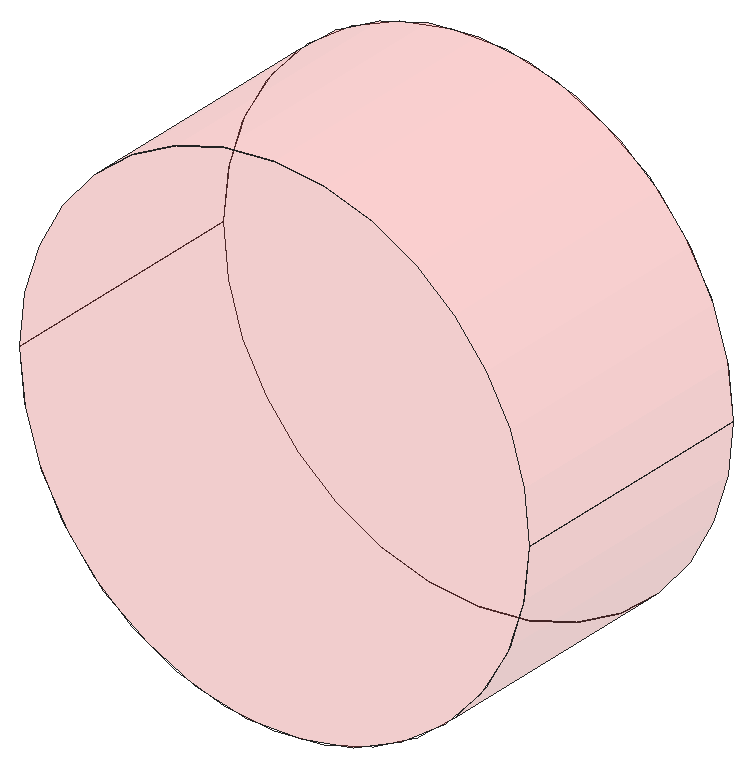
Revit family "PME_BWIC", category Generic Models, Revit 2021
Family settings
  Can host rebar = No
  Round Connector Dimension = Use Diameter
  Part Type = Normal
  OmniClass Number = 23.30.00.00
  OmniClass Title = Openings, Passages, Protection
  Work Plane-Based = Yes
  Always vertical = Yes
  Cut with Voids When Loaded = No
  Shared = No
  Room Calculation Point = No
Parameters (values of type "Circular")
  Rectangular = no
  PME_BWIC Width [instance] = 750.00 mm
  PME_BWIC Wall/Floor ID [instance] = ""
  PME_BWIC Thickness [instance] = 250.00 mm
  PME_BWIC Rotated Degree [instance] = 0
  PME_BWIC Radius [instance] = 250.00 mm
  PME_BWIC Overall Width [instance] = PME_BWIC Width + PME_BWIC Offset  # 750.00 mm
  PME_BWIC Overall Radius [instance] = PME_BWIC Radius + PME_BWIC Offset  # 250.00 mm
  PME_BWIC Overall Height [instance] = PME_BWIC Height + PME_BWIC Offset  # 500.00 mm
  PME_BWIC Offset [instance] = 0.00 mm
  PME_BWIC Height [instance] = 500.00 mm
  PME_BWIC Elevation [instance] = 0.00 mm
  PME_BWIC Element Name [instance] = ""
  PME_BWIC Element ID [instance] = ""
  PME_BWIC BOH Elevation [instance] = (PME_BWIC Elevation - (PME_BWIC Height / 2)) - (PME_BWIC Offset / 2)  # -250.00 mm
  Hole Material [instance] = Hole Material
  Default Elevation = 0.00 mm
  Circular = yes
Types (2, lengths in mm): name | Rectangular | Hole Material | Circular
  Circular | no | Hole Material | yes
  Rectangular | yes | none | no
Reference planes
  plane 1 "Center (Front/Back)": y = 0
  plane 2: z = 0
  plane 3 "Center (Left/Right)": x = 0
  plane 4: z = 0
Dimensions and locks
  "PME_BWIC Elevation": plane 4 to level
  aligned and locked: level to plane 2
  aligned and locked: plane 1 "Center (Front/Back)" to nested 1
  aligned and locked: plane 3 "Center (Left/Right)" to nested 1
  aligned and locked: plane 4 to nested 1
  aligned and locked: plane 1 "Center (Front/Back)" to nested 2
  aligned and locked: plane 3 "Center (Left/Right)" to nested 2
  aligned and locked: plane 4 to nested 2
Nested families
  nested 1: "Circular Hole" at (0, 0, 0), Radius <- "PME_BWIC Overall Radius", visible <- "Circular", Thickness <- "PME_BWIC Thickness", Hole Material <- "Hole Material", type "Circular Hole"
    with Thickness 250.00 mm, Radius 250.00 mm, Hole Material Hole Material
  nested 2: "Rectangular Hole" at (0, 0, 0), visible <- "Rectangular", Height <- "PME_BWIC Overall Height", Length <- "PME_BWIC Overall Width", Thickness <- "PME_BWIC Thickness", Hole Material <- "Hole Material", type "Rectangular Hole"
    with Thickness 250.00 mm, Length 750.00 mm, Hole Material Hole Material, Height 500.00 mm
Definition of nested family "Circular Hole"
  Parameters (values of type "Circular Hole")
    Thickness [instance] = 250.00 mm
    Radius [instance] = 250.00 mm
    Hole Material [instance] = none
    Default Elevation = 0.00 mm
  Reference planes
    plane 1 "Center (Front/Back)": y = 0
    plane 2: z = 0
    plane 3 "Center (Left/Right)": x = 0
    plane 4: y = 125
    plane 5: y = -125
  Forms (mm)
    Extrusion 1, solid, material <- "Hole Material"
      sketch origin (0, 0, 0) x (1, 0, 0) y (0, 0, 1)
        loop
          circle (0, 0) r 250
      from -125 to 125
  Dimensions and locks
    equal spacing: plane 4, plane 1 "Center (Front/Back)", plane 5
    "Thickness": plane 4 to plane 5
    "Radius": radius of Extrusion 1 sketch curve
    aligned and locked: level to plane 2
    aligned and locked: Extrusion 1 to plane 4
    aligned and locked: plane 5 to Extrusion 1
  Automatic sketch dimensions
    Extrusion 1 sketch curve to level = 0.00 mm
    Extrusion 1 sketch curve to plane 3 "Center (Left/Right)" = 0.00 mm
Definition of nested family "Rectangular Hole"
  Parameters (values of type "Rectangular Hole")
    Thickness [instance] = 250.00 mm
    Length [instance] = 750.00 mm
    Hole Material [instance] = none
    Height [instance] = 500.00 mm
    Default Elevation = 0.00 mm
  Reference planes
    plane 1 "Center (Front/Back)": y = 0
    plane 2: z = 0
    plane 3 "Center (Left/Right)": x = 0
    plane 4: x = -375
    plane 5: x = 375
    plane 6: z = 250
    plane 7: z = -250
    plane 8: y = 125
    plane 9: y = -125
  Forms (mm)
    Extrusion 1, solid, material <- "Hole Material"
      sketch origin (0, 0, 0) x (1, 0, 0) y (0, 0, 1)
        loop
          line (-375, 250) -> (-375, -250) -> (375, -250) -> (375, 250) -> (-375, 250)
      from -125 to 125
  Dimensions and locks
    equal spacing: plane 6, level, plane 7
    "Height": plane 6 to plane 7
    equal spacing: plane 5, plane 3 "Center (Left/Right)", plane 4
    "Length": plane 5 to plane 4
    equal spacing: plane 8, plane 1 "Center (Front/Back)", plane 9
    "Thickness": plane 8 to plane 9
    aligned and locked: level to plane 2
    aligned and locked: plane 6 to Extrusion 1
    aligned and locked: Extrusion 1 to plane 4
    aligned and locked: Extrusion 1 to plane 7
    aligned and locked: plane 5 to Extrusion 1
    aligned and locked: Extrusion 1 to plane 8
    aligned and locked: plane 9 to Extrusion 1
  Automatic sketch dimensions
    plane 4 to Extrusion 1 sketch curve = 0.00 mm
    Extrusion 1 sketch curve to plane 5 = 0.00 mm
    plane 7 to Extrusion 1 sketch curve = 0.00 mm
    Extrusion 1 sketch curve to plane 6 = 0.00 mm
